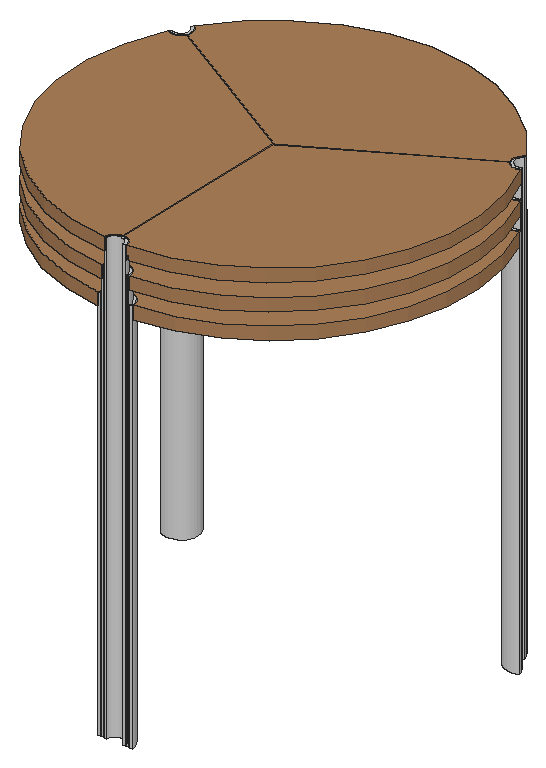
Revit family "Starsky-LivingDivani", category Furniture, Revit 2013
Parameters (values of type "Starsky Assemblato")
  URL = "http://www.livingdivani.it"
  Starsky52 = yes
  Starsky49 = yes
  Starsky46 = yes
  Model = "Starsky"
  Mat. Seduta = Wood Shake
  Mat. Struttura = Steel, Polished
  Manufacturer = "LivingDivani"
  Codice prodotto = "STYV046"
Types (5, lengths in cm): name | Starsky52 | Starsky49 | Starsky46
  (no name) | yes | yes | yes
  Starsky h.46 | no | no | yes
  Starsky h.49 | no | yes | no
  Starsky h.52 | yes | no | no
  Starsky Assemblato | yes | yes | yes
Reference planes (cm)
  plane 1 "Centro (Fronte/Retro)": y = 0
  plane 2: z = 0
  plane 3 "Centro (Sinistra/Destra)": x = 0
Forms (cm)
  Extrusion 1, solid, material "Wood Shake" <- "Mat. Seduta", visible <- "Starsky46"
    sketch origin (0, 0, 0) x (1, 0, 0) y (0, 1, 0)
      loop
        line (-18.129, 10.5245) -> (0, 0.0577) -> (18.1326, 10.5266)
        arc (18.1326, 10.5266) -> (17.9506, 11.9749) -> (18.8012, 13.1612) r 2
        arc (18.8012, 13.1612) -> (0.0013, 22.95) -> (-18.7997, 13.1633) r 22.95
        arc (-18.7997, 13.1633) -> (-17.946, 11.9757) -> (-18.129, 10.5245) r 2
    from 44.5 to 46
  Extrusion 2, solid, material "Wood Shake" <- "Mat. Seduta", visible <- "Starsky46"
    sketch origin (0, 0, 0) x (-0.5, 0.866025, 0) y (-0.866025, -0.5, 0)
      loop
        line (-18.129, 10.5245) -> (0, 0.0577) -> (18.1326, 10.5266)
        arc (18.1326, 10.5266) -> (17.9506, 11.9749) -> (18.8012, 13.1612) r 2
        arc (18.8012, 13.1612) -> (0.0013, 22.95) -> (-18.7997, 13.1633) r 22.95
        arc (-18.7997, 13.1633) -> (-17.946, 11.9757) -> (-18.129, 10.5245) r 2
    from 44.5 to 46
  Extrusion 3, solid, material "Wood Shake" <- "Mat. Seduta", visible <- "Starsky46"
    sketch origin (0, 0, 0) x (0.5, 0.866025, 0) y (-0.866025, 0.5, 0)
      loop
        arc (-18.129, -10.5245) -> (-17.946, -11.9757) -> (-18.7997, -13.1633) r 2
        arc (-18.7997, -13.1633) -> (0.0013, -22.95) -> (18.8012, -13.1612) r 22.95
        arc (18.8012, -13.1612) -> (17.9506, -11.9749) -> (18.1326, -10.5266) r 2
        line (18.1326, -10.5266) -> (0, -0.0577) -> (-18.129, -10.5245)
    from 44.5 to 46
  Extrusion 4, solid, material "Steel, Polished" <- "Mat. Struttura", visible <- "Starsky46"
    sketch origin (0, 0, 0) x (0.5, 0.866025, 0) y (-0.866025, 0.5, 0)
      loop
        arc (-20.7116, -9.9979) -> (-18.4121, -10.633) -> (-19.0118, -12.942) r 1.7
        arc (-19.0118, -12.942) -> (-18.9269, -13.066) -> (-18.8411, -13.1894) r 23
        arc (-18.8411, -13.1894) -> (-18.1523, -10.483) -> (-20.8405, -9.7264) r 2
        arc (-20.8405, -9.7264) -> (-20.7765, -9.8623) -> (-20.7116, -9.9979) r 23
    from 0 to 46
  Extrusion 5, solid, material "Steel, Polished" <- "Mat. Struttura", visible <- "Starsky46"
    sketch origin (0, 0, 0) x (-1, 0, 0) y (0, -1, 0)
      loop
        arc (-20.7116, -9.9979) -> (-18.4121, -10.633) -> (-19.0118, -12.942) r 1.7
        arc (-19.0118, -12.942) -> (-18.9269, -13.066) -> (-18.8411, -13.1894) r 23
        arc (-18.8411, -13.1894) -> (-18.1523, -10.483) -> (-20.8405, -9.7264) r 2
        arc (-20.8405, -9.7264) -> (-20.7765, -9.8623) -> (-20.7116, -9.9979) r 23
    from 0 to 46
  Extrusion 6, solid, material "Steel, Polished" <- "Mat. Struttura", visible <- "Starsky46"
    sketch origin (0, 0, 0) x (1, 0, 0) y (0, 1, 0)
      loop
        arc (-20.7116, 9.9979) -> (-20.7765, 9.8623) -> (-20.8405, 9.7264) r 23
        arc (-20.8405, 9.7264) -> (-18.1523, 10.483) -> (-18.8411, 13.1894) r 2
        arc (-18.8411, 13.1894) -> (-18.9269, 13.066) -> (-19.0118, 12.942) r 23
        arc (-19.0118, 12.942) -> (-18.4121, 10.633) -> (-20.7116, 9.9979) r 1.7
    from 0 to 46
  Extrusion 7, solid, material "Steel, Polished" <- "Mat. Struttura", visible <- "Starsky46"
    sketch origin (0, 0, 44.5) x (-0.866025, -0.5, 0) y (-0.5, 0.866025, 0)
      loop
        arc (12.0466, 17.969) -> (10.4788, 18.1547) -> (9.5342, 19.4195) r 2
        line (9.5342, 19.4195) -> (-0.8388, 1.4529) -> (-21.5849, 1.4529)
        arc (-21.5849, 1.4529) -> (-20.9618, 0.0024) -> (-21.5849, -1.4481) r 2
        line (-21.5849, -1.4481) -> (-0.8361, -1.4481) -> (9.5358, -19.4128)
        arc (9.5358, -19.4128) -> (10.4849, -18.1512) -> (12.0533, -17.971) r 2
        line (12.0533, -17.971) -> (1.6749, 0.0048) -> (12.0466, 17.969)
    from 0 to 0.5
  Extrusion 8, solid, material "Wood Shake" <- "Mat. Seduta", visible <- "Starsky49"
    sketch origin (-0.0003, 0, 0) x (1, 0, 0) y (0, 1, 0)
      loop
        line (-18.4755, 10.7246) -> (0, 0.0577) -> (18.4755, 10.7246)
        arc (18.4755, 10.7246) -> (18.3363, 11.8874) -> (19.0264, 12.8335) r 1.6
        arc (19.0264, 12.8335) -> (0, 22.95) -> (-19.0264, 12.8335) r 22.95
        arc (-19.0264, 12.8335) -> (-18.3363, 11.8874) -> (-18.4755, 10.7246) r 1.6
    from 47.45 to 48.95
  Extrusion 9, solid, material "Wood Shake" <- "Mat. Seduta", visible <- "Starsky49"
    sketch origin (-0.0003, 0, 0) x (-0.5, 0.866025, 0) y (-0.866025, -0.5, 0)
      loop
        line (-18.4766, 10.7252) -> (0, 0.0577) -> (18.4756, 10.7247)
        arc (18.4756, 10.7247) -> (18.3393, 11.8857) -> (19.0291, 12.8295) r 1.6
        arc (19.0291, 12.8295) -> (-0.0002, 22.95) -> (-19.0292, 12.8293) r 22.95
        arc (-19.0292, 12.8293) -> (-18.3403, 11.8856) -> (-18.4766, 10.7252) r 1.6
    from 47.45 to 48.95
  Extrusion 10, solid, material "Wood Shake" <- "Mat. Seduta", visible <- "Starsky49"
    sketch origin (-0.0003, 0, 0) x (0.5, 0.866025, 0) y (-0.866025, 0.5, 0)
      loop
        arc (-18.4765, -10.7251) -> (-18.337, -11.8875) -> (-19.0263, -12.8337) r 1.6
        arc (-19.0263, -12.8337) -> (0.0025, -22.95) -> (19.0291, -12.8295) r 22.95
        arc (19.0291, -12.8295) -> (18.3393, -11.8857) -> (18.4756, -10.7247) r 1.6
        line (18.4756, -10.7247) -> (0, -0.0577) -> (-18.4765, -10.7251)
    from 47.45 to 48.95
  Extrusion 11, solid, material "Steel, Polished" <- "Mat. Struttura", visible <- "Starsky49"
    sketch origin (-0.0003, 0, 0) x (-1, 0, 0) y (0, -1, 0)
      loop
        arc (-19.0264, -12.8335) -> (-18.4988, -10.6829) -> (-20.6252, -10.0649) r 1.6
        arc (-20.6252, -10.0649) -> (-20.559, -10.1995) -> (-20.4919, -10.3337) r 22.95
        arc (-20.4919, -10.3337) -> (-18.7586, -10.8329) -> (-19.1926, -12.5837) r 1.3
        arc (-19.1926, -12.5837) -> (-19.1099, -12.7089) -> (-19.0264, -12.8335) r 22.95
    from 0 to 48.95
  Extrusion 12, solid, material "Steel, Polished" <- "Mat. Struttura", visible <- "Starsky49"
    sketch origin (-0.0003, 0, 47.45) x (-0.866025, -0.5, 0) y (-0.5, 0.866025, 0)
      loop
        arc (12.3974, 18.5767) -> (10.6788, 18.5011) -> (9.885, 20.0272) r 1.6
        line (9.885, 20.0272) -> (-0.8388, 1.4529) -> (-22.2866, 1.4529)
        arc (-22.2866, 1.4529) -> (-21.3618, 0.0024) -> (-22.2866, -1.4481) r 1.6
        line (-22.2866, -1.4481) -> (-0.8361, -1.4481) -> (9.8844, -20.0164)
        arc (9.8844, -20.0164) -> (10.6896, -18.4962) -> (12.4076, -18.5848) r 1.6
        line (12.4076, -18.5848) -> (1.6749, 0.0048) -> (12.3974, 18.5767)
    from 0 to 0.5
  Extrusion 13, solid, material "Steel, Polished" <- "Mat. Struttura", visible <- "Starsky49"
    sketch origin (-0.0003, 0, 0) x (1, 0, 0) y (0, 1, 0)
      loop
        arc (-19.0264, 12.8335) -> (-19.1099, 12.7089) -> (-19.1926, 12.5837) r 22.95
        arc (-19.1926, 12.5837) -> (-18.7586, 10.8329) -> (-20.4919, 10.3337) r 1.3
        arc (-20.4919, 10.3337) -> (-20.559, 10.1995) -> (-20.6252, 10.0649) r 22.95
        arc (-20.6252, 10.0649) -> (-18.4988, 10.6829) -> (-19.0264, 12.8335) r 1.6
    from 0 to 48.95
  Extrusion 14, solid, material "Steel, Polished" <- "Mat. Struttura", visible <- "Starsky49"
    sketch origin (0.0017, -0.0011, 0) x (-0.500117, 0.865958, 0) y (-0.865958, -0.500117, 0)
      loop
        arc (-19.0264, 12.8335) -> (-19.1099, 12.7089) -> (-19.1926, 12.5837) r 22.95
        arc (-19.1926, 12.5837) -> (-18.7586, 10.8329) -> (-20.4919, 10.3337) r 1.3
        arc (-20.4919, 10.3337) -> (-20.559, 10.1995) -> (-20.6252, 10.0649) r 22.95
        arc (-20.6252, 10.0649) -> (-18.4988, 10.6829) -> (-19.0264, 12.8335) r 1.6
    from 0 to 48.95
  Extrusion 15, solid, material "Wood Shake" <- "Mat. Seduta", visible <- "Starsky52"
    sketch origin (-0.0003, 0, 0) x (1, 0, 0) y (0, 1, 0)
      loop
        line (-18.7838, 10.9026) -> (0, 0.0577) -> (18.7838, 10.9026)
        arc (18.7838, 10.9026) -> (18.6858, 11.8048) -> (19.224, 12.5355) r 1.25
        arc (19.224, 12.5355) -> (0, 22.95) -> (-19.224, 12.5355) r 22.95
        arc (-19.224, 12.5355) -> (-18.6858, 11.8048) -> (-18.7838, 10.9026) r 1.25
    from 50.5 to 52
  Extrusion 16, solid, material "Wood Shake" <- "Mat. Seduta", visible <- "Starsky52"
    sketch origin (-0.0003, 0, 0) x (-0.5, 0.866025, 0) y (-0.866025, -0.5, 0)
      loop
        line (-18.7799, 10.9003) -> (0, 0.0577) -> (18.7835, 10.9024)
        arc (18.7835, 10.9024) -> (18.6796, 11.8083) -> (19.2187, 12.5437) r 1.25
        arc (19.2187, 12.5437) -> (-0.0037, 22.95) -> (-19.2227, 12.5375) r 22.95
        arc (-19.2227, 12.5375) -> (-18.6812, 11.8055) -> (-18.7799, 10.9003) r 1.25
    from 50.5 to 52
  Extrusion 17, solid, material "Wood Shake" <- "Mat. Seduta", visible <- "Starsky52"
    sketch origin (-0.0003, 0, 0) x (0.5, 0.866025, 0) y (-0.866025, 0.5, 0)
      loop
        arc (-18.7798, -10.9002) -> (-18.6778, -11.8074) -> (-19.2198, -12.542) r 1.25
        arc (-19.2198, -12.542) -> (-0.001, -22.95) -> (19.2187, -12.5437) r 22.95
        arc (19.2187, -12.5437) -> (18.6796, -11.8083) -> (18.7835, -10.9024) r 1.25
        line (18.7835, -10.9024) -> (0, -0.0577) -> (-18.7798, -10.9002)
    from 50.5 to 52
  Extrusion 18, solid, material "Steel, Polished" <- "Mat. Struttura", visible <- "Starsky52"
    sketch origin (-0.0003, 0, 50.5) x (-0.866025, -0.5, 0) y (-0.5, 0.866025, 0)
      loop
        line (-22.2866, -1.0532) -> (-0.6076, -1.0532) -> (10.2314, -19.827)
        arc (10.2314, -19.827) -> (10.9029, -18.7834) -> (12.1429, -18.8328) r 1.25
        line (12.1429, -18.8328) -> (1.243, 0.0464) -> (12.0554, 18.7741)
        arc (12.0554, 18.7741) -> (10.8159, 18.8339) -> (10.2387, 19.9324) r 1.25
        line (10.2387, 19.9324) -> (-0.6347, 1.0993) -> (-22.3813, 1.0993)
        arc (-22.3813, 1.0993) -> (-21.7185, 0.0501) -> (-22.2866, -1.0532) r 1.25
    from 0 to 0.5
  Extrusion 19, solid, material "Steel, Polished" <- "Mat. Struttura", visible <- "Starsky52"
    sketch origin (0.0017, -0.0011, 0) x (-0.500117, 0.865958, 0) y (-0.865958, -0.500117, 0)
      loop
        arc (-20.3319, 10.645) -> (-20.401, 10.5119) -> (-20.4693, 10.3783) r 22.95
        arc (-20.4693, 10.3783) -> (-18.8019, 10.8579) -> (-19.2199, 12.5418) r 1.25
        arc (-19.2199, 12.5418) -> (-19.3015, 12.4159) -> (-19.3822, 12.2895) r 22.95
        arc (-19.3822, 12.2895) -> (-19.0617, 11.0079) -> (-20.3319, 10.645) r 0.95
    from 0 to 52
  Extrusion 20, solid, material "Steel, Polished" <- "Mat. Struttura", visible <- "Starsky52"
    sketch origin (0.0073, -0.0021, 0) x (-0.499883, -0.866093, 0) y (0.866093, -0.499883, 0)
      loop
        arc (-20.3319, 10.645) -> (-20.401, 10.5119) -> (-20.4693, 10.3783) r 22.95
        arc (-20.4693, 10.3783) -> (-18.8019, 10.8579) -> (-19.2199, 12.5418) r 1.25
        arc (-19.2199, 12.5418) -> (-19.3015, 12.4159) -> (-19.3822, 12.2895) r 22.95
        arc (-19.3822, 12.2895) -> (-19.0617, 11.0079) -> (-20.3319, 10.645) r 0.95
    from 0 to 52
  Extrusion 21, solid, material "Steel, Polished" <- "Mat. Struttura", visible <- "Starsky52"
    sketch origin (-0.0078, -0.0021, 0) x (0.499883, -0.866093, 0) y (0.866093, 0.499883, 0)
      loop
        arc (-20.3319, -10.645) -> (-19.0617, -11.0079) -> (-19.3822, -12.2895) r 0.95
        arc (-19.3822, -12.2895) -> (-19.3015, -12.4159) -> (-19.2199, -12.5418) r 22.95
        arc (-19.2199, -12.5418) -> (-18.8019, -10.8579) -> (-20.4693, -10.3783) r 1.25
        arc (-20.4693, -10.3783) -> (-20.401, -10.5119) -> (-20.3319, -10.645) r 22.95
    from 0 to 52
Cuts and joins
  joined: Extrusion 4, Extrusion 5, Extrusion 6, Extrusion 7
Dimensions and locks (cm)
  aligned and locked: level to plane 2
  aligned and locked: Extrusion 3 to Extrusion 4
  aligned and locked: Extrusion 6 to Extrusion 2
  aligned and locked: Extrusion 3 to Extrusion 5
  aligned and locked: Extrusion 3 to Extrusion 2
  aligned and locked: Extrusion 1 to Extrusion 2
  aligned and locked: Extrusion 1 to Extrusion 3
  aligned and locked: Extrusion 10 to Extrusion 11
  aligned and locked: Extrusion 10 to Extrusion 9
  aligned and locked: Extrusion 8 to Extrusion 9
  aligned and locked: Extrusion 8 to Extrusion 10
  aligned and locked: Extrusion 8 sketch curve to Extrusion 11
  aligned and locked: Extrusion 17 to Extrusion 16
  aligned and locked: Extrusion 15 to Extrusion 16
  aligned and locked: Extrusion 15 to Extrusion 17
  aligned and locked: Extrusion 20 to Extrusion 17
